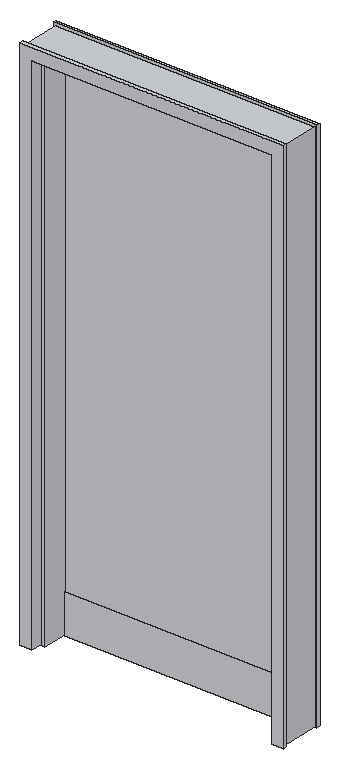
Revit family "BG_DOR_Swing-Single", category Doors, host Wall, Revit 2020
Family settings
  Host = Wall
  OmniClass Number = 23.30.10.00
  OmniClass Title = Doors
  Always vertical = Yes
  Cut with Voids When Loaded = No
  Shared = No
  Room Calculation Point = No
Parameters (values of type "D.SGL - 920x2040")
  Throat I [instance] = (BG_DIM_HostThickness1 / 2) + BG_DIMd_ThroatOffsetI  # 75 mm
  Throat E [instance] = (BG_DIM_HostThickness1 / 2) + BG_DIMd_ThroatOffsetE  # 75 mm
  Hinge gap = 3 mm
  Hinge count [instance] = 3
  Function = Interior
  Height = BG_DIMd_LeafHeight1 + BG_DIMd_FrameWidth1  # 2080 mm
  Wall Closure = By host
  Width = BG_DIMd_LeafWidth1 + (2 * BG_DIMd_FrameWidth1)  # 1000 mm
  Frame type [instance] = BG_DORc_DoorFrame-DoubleRebate : Double Rebate
  BG_MATd_ProtectionInt1 [instance] = none
  BG_MATd_ProtectionExt1 [instance] = none
  BG_MATd_LeafInt1 [instance] = none
  BG_MATd_LeafExt1 [instance] = none
  BG_MATd_LeafCore1 = none
  BG_MATd_Frame1 = none
  BG_DIMd_Undercut1 [instance] = 0 mm
  BG_DIMd_ThroatOffsetI [instance] = 0 mm
  BG_DIMd_ThroatOffsetE [instance] = 0 mm
  BG_DIMd_Swing3DAngle1 [instance] = 0.00°
  BG_DIMd_ProtectionHeightInt1 [instance] = 150 mm
  BG_DIMd_ProtectionHeightExt1 [instance] = 150 mm
  BG_DIMd_LeafWidth1 = 920 mm
  BG_DIMd_LeafThickness1 = 40 mm
  BG_DIMd_LeafHeight1 = 2040 mm
  BG_DIMd_FrameWidth1 = 40 mm
  BG_DIM_HostThickness1 [instance] = 150 mm
Reference planes
  plane 1: y = 0
  plane 2 "Center (Left/Right)": x = 0
  plane 3 "Left": x = -500
  plane 4 "Right": x = 500
  plane 5: z = 2080
  plane 6 "Exterior": y = 75
  plane 7 "Interior": y = -75
  plane 8: y = 75
  plane 9: y = 87
  plane 10: y = 47
  plane 11 "2": x = 460
  plane 12 "3": x = 463
Lines and regions (mm)
  Opening 1
    outline origin (-3050, -75, 0) x (1, 0, 0) y (0, 0, 1)
      loop
        line (2550, 0) -> (3550, 0) -> (3550, 2080) -> (2550, 2080) -> (2550, 0)
  symbolic lines, style "Elevation Swing"
    curve 1: line (500, -75, 1040) -> (-500, -75, 2080)
    curve 2: line (500, -75, 1040) -> (-500, -75, 0)
Text (mm)
  text "Exterior" at (-2295.016, 1099.543, 0), in view "Ref. Level"
  text "Exterior" at (0, 1615.38, 3698.081), in view "Left"
  text "Exterior" at (0, 1036.032, 3874.932), in view "Right"
Dimensions and locks
  equal spacing: plane 3 "Left", plane 2 "Center (Left/Right)", plane 4 "Right"
  "Width": plane 3 "Left" to plane 4 "Right"
  "Height": plane 5 to host wall
  equal spacing: host wall, curve 2, plane 5
  host wall to plane 5 = 2080 mm
  locked: plane 6 "Exterior" to host wall
  locked: plane 7 "Interior" to host wall
  "BG_DIM_HostThickness1": host wall to host wall
  "BG_DIMd_LeafThickness1": plane 9 to plane 10
  locked: plane 9 to plane 8 at 12
  "BG_DIMd_ThroatOffsetE": plane 8 to plane 6 "Exterior"
  "BG_DIMd_FrameWidth1": plane 11 "2" to plane 4 "Right"
  "Hinge gap": plane 11 "2" to plane 12 "3"
  aligned and locked: plane 3 "Left" to Opening 1 sketch curve
  aligned and locked: plane 5 to Opening 1 sketch curve  (x2)
  aligned and locked: Opening 1 sketch curve to plane 4 "Right"
  aligned and locked: Opening 1 sketch curve to level
  aligned and locked: plane 5 to curve 1
  aligned and locked: plane 3 "Left" to curve 2
  aligned and locked: plane 1 to host wall
  aligned and locked: plane 3 "Left" to curve 1
  aligned and locked: plane 4 "Right" to nested 1
  aligned and locked: plane 1 to nested 1
  aligned and locked: nested 2 to plane 12 "3"
  aligned and locked: nested 2 to plane 9
  aligned and locked: nested 3 to plane 12 "3"
  aligned and locked: nested 3 to plane 9
Automatic sketch dimensions
  plane 4 "Right" to curve 2 = 0 mm
  curve 2 to level = 0 mm
Nested families
  nested 1: "BG_DORc_DoorFrame-DoubleRebate" at (500, 0, 0), Finish <- "BG_MATd_Frame1", Width <- "Width", Height <- "Height", Frame width <- "BG_DIMd_FrameWidth1", type <- "Frame type", Throat E <- "Throat E", Throat I <- "Throat I", Door rebate <- "BG_DIMd_LeafThickness1", Hinge gap <- "Hinge gap", type "Double Rebate"
    with Width 1000 mm, Trim projection V 12 mm, Trim projection H 10 mm, Throat I 75 mm, Throat E 75 mm, Hinge gap 3 mm, Height 2080 mm, Frame width 40 mm, Finish none, Door rebate 40 mm
  nested 2: "BG_DORc_HingeSet-Type1" at (463, 87, 0), Finish <- "BG_MATd_Frame1", Height <- "BG_DIMd_LeafHeight1", Hinge depth <- "BG_DIMd_LeafThickness1", Joint width <- "Hinge gap", Hinge count <- "Hinge count", Angle <- "BG_DIMd_Swing3DAngle1", type "Hinge set", detail levels fine
    with Joint width 3 mm, Hinge thickness 1.5 mm, Hinge spacing 870 mm, Hinge inset 150 mm, Hinge depth 40 mm, Hinge count override 3, Hinge count 3, Height 2040 mm, Finish none, Angle 0.00°
  nested 3: "BG_DORc_Leaf-Type1" at (461.5, 87, 0), Height <- "BG_DIMd_LeafHeight1", Open angle <- "BG_DIMd_Swing3DAngle1", Undercut <- "BG_DIMd_Undercut1", Width <- "BG_DIMd_LeafWidth1", External finish <- "BG_MATd_LeafExt1", Internal finish <- "BG_MATd_LeafInt1", Protection finish ext <- "BG_MATd_ProtectionExt1", Protection finish int <- "BG_MATd_ProtectionInt1", Protection height ext <- "BG_DIMd_ProtectionHeightExt1", Protection height int <- "BG_DIMd_ProtectionHeightInt1", type "BG_DORc_Leaf-Type1"
    with Width 920 mm, Undercut 0 mm, Protection height int 150 mm, Protection height ext 150 mm, Protection finish int none, Protection finish ext none, Open angle 0.00°, Internal finish none, Height 2040 mm, External finish none
Definition of nested family "BG_DORc_DoorFrame-DoubleRebate"
  Parameters (values of type "Double Rebate")
    Width [instance] = 920 mm
    Trim projection V [instance] = 12 mm
    Trim projection H [instance] = 10 mm
    Throat I [instance] = 50 mm
    Throat E [instance] = 50 mm
    Hinge gap [instance] = 3 mm
    Height [instance] = 2040 mm
    Frame width [instance] = 40 mm
    Finish [instance] = none
    Door rebate [instance] = 40 mm
    Default Elevation = 1219.2 mm
  Reference planes
    plane 1 "Center (Front/Back)": y = 0
    plane 2: z = 0
    plane 3 "Right": x = 0
    plane 4 "Left": x = -920
    plane 5: z = 2040
  Forms (mm)
    Sweep 1, solid, material <- "Finish"
      path origin (0, 0, 0) x (1, 0, 0) y (0, 0, 1)
        loop
          line (-920, 0) -> (-920, 2040) -> (0, 2040) -> (0, 0)
      profile "BG_PRF_DoorFrame-DoubleRebate : Double rebate" origin (-920, 0, 1020) x (-1, 0, 0) y (0, -1, 0)
        loop
          line (10, 62) -> (-37, 62) -> (-37, 22) -> (-55.541, 22) -> (-55.541, -22) -> (-37, -22) -> (-37, -62) -> (10, -62) -> (10, -50) -> (0, -50) -> (0, 50) -> (10, 50) -> (10, 62)
  Dimensions and locks
    "Width": plane 4 "Left" to plane 3 "Right"
    "Height": plane 5 to level
    aligned and locked: level to plane 2
    aligned and locked: Sweep 1 sketch curve to plane 4 "Left"
    aligned and locked: Sweep 1 sketch curve to plane 5
    aligned and locked: Sweep 1 sketch curve to plane 3 "Right"
    aligned and locked: level to Sweep 1 sketch curve  (x2)
Definition of nested family "BG_DORc_HingeSet-Type1"
  Parameters (values of type "Hinge set")
    Joint width [instance] = 3 mm
    Hinge thickness [instance] = Joint width / 2  # 1.5 mm
    Hinge spacing [instance] = (Height - (2 * Hinge inset)) / (Hinge count override - 1)  # 780.766 mm
    Hinge inset [instance] = 239.234 mm
    Hinge height = 75 mm
    Hinge depth [instance] = 35 mm
    Hinge count override [instance] = if(Hinge count < 2, 2, Hinge count)  # 3
    Hinge count [instance] = 3
    Height [instance] = 2040 mm
    Finish [instance] = none
    Default Elevation = 1219.2 mm
    Angle [instance] = 45.00°
  Reference planes
    plane 1 "Center (Front/Back)": y = 0
    plane 2: z = 0
    plane 3 "Center (Left/Right)": x = 0
    plane 4: z = 239.234
    plane 5: z = 2040
    plane 6: z = 1020
  Lines and regions (mm)
    model lines
      curve 1: line (0, 0, 0) -> (0, 0, 2040)
  Dimensions and locks
    "Height": plane 5 to level
    "Hinge inset": plane 4 to level
    "Hinge spacing": plane 6 to plane 4
    equal spacing: group 1, group 2, group 3  (x3)
    aligned and locked: level to plane 2
    aligned and locked: plane 4 to nested 1
    aligned and locked: plane 6 to nested 2
    aligned and locked: plane 3 "Center (Left/Right)" to nested 1
    aligned and locked: plane 3 "Center (Left/Right)" to nested 2
    aligned and locked: plane 1 "Center (Front/Back)" to nested 1
    aligned and locked: plane 1 "Center (Front/Back)" to nested 2
    aligned and locked: plane 5 to curve 1
    aligned and locked: level to curve 1
    aligned and locked: plane 3 "Center (Left/Right)" to curve 1
  Nested families
    nested 1: "BG_DORc_Hinge-Type1" at (-1.5, 0, 239.234), Open angle <- "Angle", type "Hinge"
      with Open angle 45.00°, Hinge depth 35 mm, Height 75 mm
    nested 2: "BG_DORc_Hinge-Type1" at (-1.5, 0, 1020), Open angle <- "Angle", type "Hinge"
      with Open angle 45.00°, Hinge depth 35 mm, Height 75 mm
    nested 3: "BG_DORc_Hinge-Type1" at (-1.5, 0, 1800.766), Open angle <- "Angle", type "Hinge"
      with Open angle 45.00°, Hinge depth 35 mm, Height 75 mm
  Definition of nested family "BG_DORc_Hinge-Type1"
    Parameters (values of type "BG_DORc_Hinge-Type1")
      Width = 0 mm  # constant formula
      Rough Width = 0 mm  # constant formula
      Rough Height = 0 mm  # constant formula
      Open angle [instance] = 30.00°
      Hinge thickness = 1.5 mm
      Hinge depth = 40 mm
      Height = 100 mm
      Finish = none
      Default Elevation = 1219.2 mm
    Reference planes
      plane 1 "Front": y = 0
      plane 2 "Center (Elevation)": z = 0
      plane 3 "Center (Left/Right)": x = 0
      plane 4 "Right": x = 1.5
      plane 5: y = -40
      plane 6: z = 50
      plane 7: z = -50
    Forms (mm)
      Extrusion 1, solid, material <- "Finish"
        sketch origin (0, 0, 0) x (0, 1, 0) y (-1, 0, 0)
          loop
            line (0.75, 1.299) -> (-33.891, 21.299) -> (-34.641, 20) -> (0, 0) -> (0.75, 1.299)
        from -50 to 50
      Extrusion 2, solid, material <- "Finish"
        sketch origin (0, 0, 0) x (1, 0, 0) y (0, 1, 0)
          loop
            line (1.5, -40) -> (1.5, 0)
            arc (1.5, 0) -> (1.061, -1.061) -> (0, -1.5) r 1.5
            line (0, -1.5) -> (0, -40) -> (1.5, -40)
        from -50 to 50
      Extrusion 3, solid, material <- "Finish"
        sketch origin (0, 0, 0) x (1, 0, 0) y (0, 1, 0)
          loop
            circle (0, 0) r 1.5
        from -50 to 50
    Cuts and joins
      joined: Extrusion 1, Extrusion 3
    Lines and regions (mm)
      reference lines
        curve 1: line (0, 0, 0) -> (1.5, 0, 0)
        curve 2: line (0, 0, 0) -> (-20, -34.641, 0)
        curve 3: line (0, 0, 0) -> (-1.299, 0.75, 0)
        curve 4: line (-1.299, 0.75, 0) -> (-21.299, -33.891, 0)
        curve 5: line (-20, -34.641, 0) -> (-21.299, -33.891, 0)
    Dimensions and locks
      "Hinge thickness": curve 2 to curve 4
      "Hinge thickness": plane 3 "Center (Left/Right)" to plane 4 "Right"
      "Hinge depth": plane 1 "Front" to plane 5
      "Hinge depth": curve 3 to curve 5
      equal spacing: plane 6, level, plane 7
      "Height": plane 6 to plane 7
      "Hinge thickness": radius of Extrusion 3 sketch curve
      "Hinge thickness": radius of Extrusion 2 sketch curve
      locked: cut or joined group of Extrusion 1, Extrusion 3 to cut or joined group of Extrusion 1, Extrusion 3 (angle 90.00°)
      locked: cut or joined group of Extrusion 1, Extrusion 3 to curve 3 (angle 90.00°)
      "Open angle": angle curve 4 to plane 3 "Center (Left/Right)"
      aligned and locked: level to plane 2 "Center (Elevation)"
      aligned and locked: plane 3 "Center (Left/Right)" to curve 1
      aligned and locked: plane 1 "Front" to curve 1
      aligned and locked: Extrusion 2 sketch curve to plane 4 "Right"
      aligned and locked: Extrusion 2 sketch curve to plane 5
      aligned and locked: plane 4 "Right" to curve 1
      aligned and locked: plane 1 "Front" to Extrusion 3 sketch curve
      aligned and locked: plane 3 "Center (Left/Right)" to Extrusion 2 sketch curve  (x2)
      aligned and locked: plane 3 "Center (Left/Right)" to Extrusion 3 sketch curve
      aligned and locked: plane 1 "Front" to Extrusion 2 sketch curve
      aligned and locked: plane 6 to Extrusion 1
      aligned and locked: plane 6 to Extrusion 3
      aligned and locked: plane 6 to Extrusion 2
      aligned and locked: plane 7 to Extrusion 1
      aligned and locked: plane 7 to Extrusion 2
      aligned and locked: plane 7 to Extrusion 3
      aligned and locked: Extrusion 1 sketch curve to curve 4
      aligned and locked: Extrusion 1 sketch curve to curve 2
      aligned and locked: Extrusion 1 sketch curve to curve 5
      aligned and locked: Extrusion 1 sketch curve to curve 3
Definition of nested family "BG_DORc_Leaf-Type1"
  Parameters (values of type "BG_DORc_Leaf-Type1")
    Width [instance] = 920 mm
    Undercut [instance] = 0 mm
    Rough Width = 0 mm  # constant formula
    Rough Height = 0 mm  # constant formula
    Protection height int [instance] = 150 mm
    Protection height ext [instance] = 150 mm
    Protection finish int [instance] = none
    Protection finish ext [instance] = none
    Open angle [instance] = 135.00°
    Internal finish [instance] = none
    Hinge thickness = Hinge gap / 2  # 1.5 mm
    Leaf thickness = 40 mm
    Hinge gap = 3 mm
    Height [instance] = 2040 mm
    Core finish = none
    External finish [instance] = none
    Default Elevation = 1219.2 mm
  Reference planes
    plane 1 "Front": y = 0
    plane 2 "Center (Elevation)": z = 0
    plane 3 "Center (Left/Right)": x = 0
    plane 4 "Right": x = 1.5
    plane 5: y = -40
    plane 6: z = 2040
  Forms (mm)
    Extrusion 1, solid, material <- "Core finish"
      sketch origin (0, 0, 0) x (0, 1, 0) y (-1, 0, 0)
        loop
          line (29.345, 27.224) -> (1.061, -1.061) -> (651.599, -651.599) -> (679.883, -623.315) -> (29.345, 27.224)
      from 0 <- "Undercut" to 2040 <- "Height"
  Lines and regions (mm)
    reference lines
      curve 1: line (0, 0, 0) -> (1.5, 0, 0)
      curve 2: line (0, 0, 0) -> (-28.284, 28.284, 0)
      curve 3: line (0, 0, 0) -> (651.599, 651.599, 0)
      curve 4: line (1.061, 1.061, 0) -> (-27.224, 29.345, 0)
      curve 5: line (-28.284, 28.284, 0) -> (623.315, 679.883, 0)
      curve 7: line (651.599, 651.599, 0) -> (623.315, 679.883, 0)
    model lines
      curve 6: line (1.5, -40, 0) -> (1.5, 0, 0)
  Dimensions and locks
    "Leaf thickness": plane 1 "Front" to plane 5
    "Height": plane 6 to level
    "Hinge thickness": curve 4 to curve 2
    "Hinge thickness": plane 3 "Center (Left/Right)" to plane 4 "Right"
    "Leaf thickness": curve 3 to curve 5
    "Width": curve 7 to curve 4
    "Open angle": angle curve 2 to plane 3 "Center (Left/Right)"
    locked: curve 2 to curve 5 (angle 90.00°)
    locked: curve 3 to curve 2 (angle 90.00°)
    locked: curve 4 to curve 5 (angle 90.00°)
    locked: curve 5 to curve 7 (angle 90.00°)
    aligned and locked: level to plane 2 "Center (Elevation)"
    aligned and locked: plane 3 "Center (Left/Right)" to curve 1
    aligned and locked: plane 1 "Front" to curve 1
    aligned and locked: plane 4 "Right" to curve 1
    aligned and locked: plane 1 "Front" to curve 6
    aligned and locked: plane 5 to curve 6
    aligned and locked: curve 6 to plane 4 "Right"
    aligned and locked: Extrusion 1 sketch curve to curve 5
    aligned and locked: Extrusion 1 sketch curve to curve 3
    aligned and locked: curve 7 to Extrusion 1 sketch curve
    aligned and locked: curve 4 to Extrusion 1 sketch curve
    aligned and locked: nested 2 to curve 7
    aligned and locked: nested 1 to curve 4
  Nested families
    nested 1: "BG_DORc_Protection-Type1" at (1.061, 1.061, 0) x (0.7071, 0.7071, 0) z (0.7071, -0.7071, 0), Undercut <- "Undercut", Width <- "Width", Height <- "Protection height ext", Protection finish <- "Protection finish ext", type "Typical", detail levels fine
      with Width 920 mm, Undercut 0 mm, Protection on yes, Protection finish none, Height override 150 mm, Height 150 mm
    nested 2: "BG_DORc_Protection-Type1" at (623.315, 679.883, 0) x (-0.7071, -0.7071, 0) z (-0.7071, 0.7071, 0), Undercut <- "Undercut", Width <- "Width", Height <- "Protection height int", Protection finish <- "Protection finish int", type "Typical", detail levels fine
      with Width 920 mm, Undercut 0 mm, Protection on yes, Protection finish none, Height override 150 mm, Height 150 mm
  Definition of nested family "BG_DORc_Protection-Type1"
    Parameters (values of type "Typical")
      Width [instance] = 920 mm
      Undercut [instance] = 25 mm
      Thickness = 2 mm
      Protection on [instance] = Height - Undercut > 2 mm  # yes
      Protection finish [instance] = none
      Height override [instance] = if(Height - Undercut > 2 mm, Height, 2 mm)  # 150 mm
      Height [instance] = 150 mm
      Default Elevation = 1219.2 mm
    Reference planes
      plane 1 "Center (Front/Back)": y = 0
      plane 2: z = 0
      plane 3 "Center (Left/Right)": x = 0
      plane 4: x = 920
      plane 5: y = 150
      plane 6: y = 25
    Forms (mm)
      Extrusion 1, solid
        sketch origin (0, 0, 0) x (1, 0, 0) y (0, 1, 0)
          loop
            line (-1219.2, 1219.2) -> (-1219.2, -1219.2) -> (1219.2, -1219.2) -> (1219.2, 1219.2) -> (-1219.2, 1219.2)
        from 0 to -304.8
      Extrusion 2, solid, material <- "Protection finish", visible <- "Protection on"
        sketch origin (0, 0, 0) x (1, 0, 0) y (0, 1, 0)
          loop
            line (0, 150) -> (0, 25) -> (920, 25) -> (920, 150) -> (0, 150)
        from 0 to 2 <- "Thickness"
    Dimensions and locks
      "Height override": plane 1 "Center (Front/Back)" to plane 5
      "Width": plane 3 "Center (Left/Right)" to plane 4
      "Undercut": plane 1 "Center (Front/Back)" to plane 6
      aligned and locked: plane 2 to Extrusion 1
      aligned and locked: level to Extrusion 1
      aligned and locked: Extrusion 2 sketch curve to plane 3 "Center (Left/Right)"
      aligned and locked: Extrusion 2 sketch curve to plane 5
      aligned and locked: Extrusion 2 sketch curve to plane 4
      aligned and locked: Extrusion 2 sketch curve to plane 6
    Automatic sketch dimensions
      Extrusion 1 sketch curve to Extrusion 1 sketch curve = 2438.4 mm  (x2)
